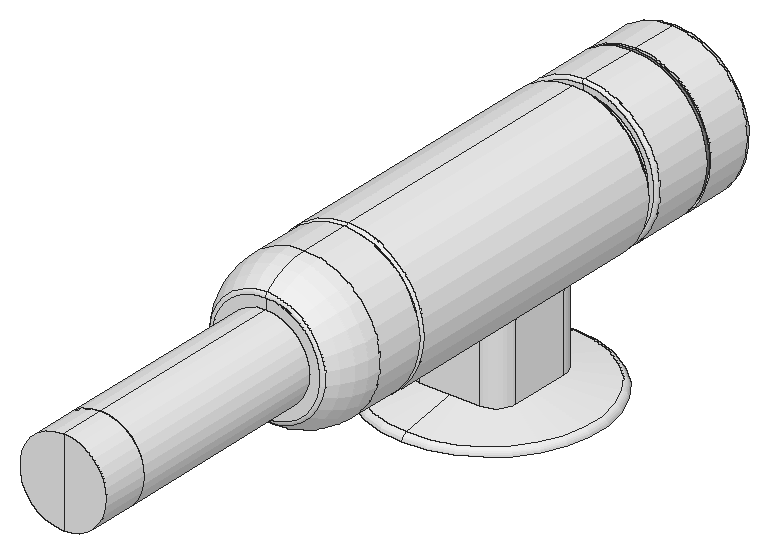
Revit family "PRD_FrankeWS_PrssrRlfVlvs_AQUALINEWCFlushingValve_AQRM551_AQRM559", category Plumbing Fixtures, host Face, Revit 2018
Family settings
  Host = Face
  Round Connector Dimension = Use Diameter
  Part Type = Normal
  OmniClass Number = 23.45.05.14.17
  OmniClass Title = Showers
  Cut with Voids When Loaded = Yes
  Shared = Yes
  Room Calculation Point = No
Parameters (values of type "AQRM559")
  WarrantyStartDate [instance] = "1900-12-31T23:59:59"
  WarrantyGuarantorParts = "n/a"
  WarrantyGuarantorLabor = "n/a"
  WarrantyDurationUnit = "year"
  WarrantyDurationParts = "n/a"
  WarrantyDurationLabor = "n/a"
  WarrantyDescription = "n/a"
  Version = "1"
  Uniclass2015Version = "Products v1.23"
  Uniclass2015Title = "Pressure relief valves"
  Uniclass2015Code = "Pr_65_54_95_65"
  URL = "www.kwc.com"
  TypeOfOperation = "Manual operation"
  TypeOfMounting = "Wall mounting"
  TypeOfFlushingFitting = "WC flush valve"
  TagNumber [instance] = "n/a"
  SustainabilityPerformance = "n/a"
  SoundInsulation = "No"
  Size = "n/a"
  ShowerMaterial = PRD_AR_ChromatedBrass_HighPolished
  Shape = "n/a"
  SerialNumber [instance] = "n/a"
  Revision = "n/a"
  ReplacementCost = "n/a"
  ProtectiveShutdown = "No"
  ProductInformation = "https://pim.kwc.com/product/2000066508/attachment/datasheet?locale=en"
  ProductCode = "209.0000.019"
  Offset = 146.00 mm
  NominalWidth = 0.00 mm
  NominalHeight = 0.00 mm
  NominalDepth = 0.00 mm
  NetWeight = 1.02 kg
  Name = "AQUALINE WC flushing valve AQRM559"
  NBSTypeID = "n/a"
  NBSReference = "90-10-90/415"
  NBSOfficeMasterTag = "n/a"
  NBSNote = "n/a"
  NBSDescription = "Pressure relief valves"
  NBSCertification = "n/a"
  ModelReference = "AQRM559"
  ModelNumber = "2000066508"
  Model = ModelReference  # "AQRM559"
  MinimumFlushingFlow = "1.00 liter per second"
  MinimumFlushWaterVolume = "6.00 liter"
  MinimumFlowPressure = "1.20 bar"
  MaximumFlushingFlow = "1.30 liter per second"
  MaximumFlushWaterVolume = "9.00 liter"
  MaximumFlowPressure = "4.00 bar"
  Material = "Brass"
  ManufacturerURL = "www.kwc.com"
  ManufacturerName = "KWC Group AG"  # constant formula
  Manufacturer = ManufacturerName  # "KWC Group AG"
  IsHighPressure = no
  IntegralAccessories = "n/a"
  InstallationDate [instance] = "1900-12-31T23:59:59"
  InletSize = "DN 20"
  IfcExportType = "FLUSHING"
  IfcExportAs = "IfcValveType"
  HasIntegralShutOffDevice = yes
  GrossWeight = 1.20 kg
  Grade = "n/a"
  FunctionalPrinciple = "Hydraulic self-closing"
  FlushingRate = 1.0 L/s
  Flow = FlushingRate  # 1.0 L/s
  Finish = "Chromed"
  Features = "for surface installation"
  ExpectedLife = "n/a"
  DurationUnit = "year"
  DiameterNominal = 20.00 mm
  Description = "AQUALINE WC flush valve for surface installation, flushing quantity and flow rate adjustable, all-metal construction."
  Default Elevation = 2000.00 mm
  CreatedOn = "04/2022"  # constant formula
  Constituents = "n/a"
  Color = "n/a"
  CodePerformance = "n/a"
  Category = "Pr_65_54_95_65, Pressure relief valves"
  CalculationFlowRateColdWater = "1.00 liter per second"
  BottomOffset = 14.00 mm
  BarCode [instance] = "n/a"
  BIMObjectName = "PRD_AR_PressureReliefValves_AQUALINEWCFlushingValve_AQRM559"
  Author = "Archispace"  # constant formula
  AssetType = "Fixed"
  AssetIdentifier [instance] = "n/a"
  AccessibilityPerformance = "n/a"
  AQRM559 = yes
  AQRM551 = no
Types (2, lengths in mm): name | ProductInformation | ProductCode | Offset | NetWeight | Name | ModelReference | ModelNumber | Model | MinimumFlushingFlow | MaximumFlushingFlow | InletSize | GrossWeight | FlushingRate | Flow | Finish | DiameterNominal | Description | CalculationFlowRateColdWater | BottomOffset | BIMObjectName | AQRM559 | AQRM551
  AQRM559 | "https://pim.kwc.com/product/2000066508/attachment/datasheet?locale=en" | "209.0000.019" | 146.00 | 1.02 kg | "AQUALINE WC flushing valve AQRM559" | "AQRM559" | "2000066508" | "AQRM559" | "1.00 liter per second" | "1.30 liter per second" | "DN 20" | 1.20 kg | 1.0 L/s | 1.0 L/s | "Chromed" | 20.00 | "AQUALINE WC flush valve for surface installation, flushing quantity and flow rate adjustable, all-metal construction." | "1.00 liter per second" | 14.00 | "PRD_AR_PressureReliefValves_AQUALINEWCFlushingValve_AQRM559" | yes | no
  AQRM551 | "https://pim.kwc.com/product/2000100082/attachment/datasheet?locale=en" | "209.0638.138" | 104.00 | 0.61 kg | "AQUALINE WC flushing valve AQRM551" | "AQRM551" | "2000100082" | "AQRM551" | "0.70 liter per second" | "1.00 liter per second" | "DN 15" | 0.69 kg | 0.7 L/s | 0.7 L/s | "Polished chrome" | 15.00 | "AQUALINE WC flush valve for surface installation, flushing quantity and volume flow adjustable. With nominal diameter DN 15. Polished chromium-plated brass, push cap and screw fitting made of chromium-plated plastic." | "0.70 liter per second" | 0.00 | "PRD_AR_PressureReliefValves_AQUALINEWCFlushingValve_AQRM551" | no | yes
Reference planes
  plane 1 "Center (Front/Back)": y = 0
  plane 2: z = 0
  plane 3 "Center (Left/Right)": x = 0
  plane 4: y = -146
  plane 5: y = -160
Forms (mm)
  Revolve 1, solid, material "PRD_AR_ChromatedBrass_HighPolished" <- "ShowerMaterial", detail levels fine
    sketch origin (0, 0, 0) x (0, 1, 0) y (0, 0, 1)
      loop
        line (-146, 45) -> (-146, 32) -> (-84, 32) -> (-84, 28.699)
        arc (-84, 28.699) -> (-83.854, 28.054) -> (-83.446, 27.535) r 1.5
        arc (-83.446, 27.535) -> (-76.787, 23.796) -> (-69.261, 22.5) r 22.5
        line (-69.261, 22.5) -> (-54.5, 22.5) -> (-53.875, 23.125) -> (-53, 22.25) -> (31, 22.25) -> (32, 23.25) -> (32, 25.25) -> (34.7, 25.25) -> (34.7, 23.5)
        arc (34.7, 23.5) -> (34.993, 22.793) -> (35.7, 22.5) r 1
        line (35.7, 22.5) -> (53.2, 22.5) -> (53.2, 45) -> (-146, 45)
      loop
        line (54.8, 45) -> (54.8, 22.5) -> (68.435, 22.5)
        arc (68.435, 22.5) -> (69.376, 22.832) -> (69.901, 23.68) r 1.5
        arc (69.901, 23.68) -> (71.624, 34.278) -> (72.2, 45) r 100
        line (72.2, 45) -> (54.8, 45)
      axis (-146, 45) -> (72.2, 45)
    angle from 0 to 360
  Revolve 2, solid, material "PRD_AR_SyntheticBasaltGrey", detail levels fine
    sketch origin (0, 0, 0) x (0, 1, 0) y (0, 0, 1)
      loop
        line (54.8, 45) -> (53.2, 45) -> (53.2, 23.35)
        arc (53.2, 23.35) -> (54, 22.71) -> (54.8, 23.35) r 0.82
        line (54.8, 23.35) -> (54.8, 45)
      axis (54.8, 45) -> (53.2, 45)
    angle from 0 to 360
  Revolve 3, solid, material "PRD_AR_ChromatedBrass_HighPolished" <- "ShowerMaterial", detail levels fine
    sketch origin (0, 0, 0) x (0, 1, 0) y (0, 0, 1)
      loop
        arc (33, 0) -> (32.528, 1.29) -> (31.335, 1.972) r 2
        line (31.335, 1.972) -> (13.5, 5) -> (0, 5) -> (0, 0) -> (33, 0)
      axis (0, 5) -> (0, 0)
    angle from 0 to 360
  Revolve 4, solid, material "PRD_AR_ChromatedBrass_HighPolished" <- "ShowerMaterial"
    sketch origin (0, 0, 0) x (0, 1, 0) y (0, 0, 1)
      loop
        line (0, 0) -> (-13.2, 0) -> (-13.2, -9) -> (0, -9) -> (0, 0)
      axis (0, 0) -> (0, -9)
    angle from 0 to 360
  Sweep 5, solid, material "PRD_AR_ChromatedBrass_HighPolished" <- "ShowerMaterial", detail levels fine
    path origin (0, 0, 0) x (0, 1, 0) y (0, 0, 1)
      loop
        line (0, 5) -> (0, 45)
    profile origin (0, 0, 25) x (0, -1, 0) y (1, 0, 0)
      loop
        arc (-15, -9) -> (-13.243, -13.243) -> (-9, -15) r 6
        line (-9, -15) -> (9, -15)
        arc (9, -15) -> (13.243, -13.243) -> (15, -9) r 6
        line (15, -9) -> (15, 9)
        arc (15, 9) -> (13.243, 13.243) -> (9, 15) r 6
        line (9, 15) -> (-9, 15)
        arc (-9, 15) -> (-13.243, 13.243) -> (-15, 9) r 6
        line (-15, 9) -> (-15, -9)
  Sweep 6, void
    path origin (0, 0, 0) x (0, 1, 0) y (0, 0, 1)
      loop
        line (-33.7, 17.25) -> (-33.7, 27.25)
    profile origin (0, -33.7, 22.25) x (0, -1, 0) y (1, 0, 0)
      loop
        circle (0, 0) r 9
  Revolve 7, solid, material "PRD_AR_ChromatedBrass_HighPolished" <- "ShowerMaterial", detail levels medium
    sketch origin (0, 0, 0) x (0, 1, 0) y (0, 0, 1)
      loop
        line (-160, 45) -> (-160, 32) -> (-84, 32) -> (-84, 22.25) -> (69.578, 22.25)
        arc (69.578, 22.25) -> (71.542, 33.55) -> (72.2, 45) r 100
        line (72.2, 45) -> (-160, 45)
      axis (-160, 45) -> (72.2, 45)
    angle from 0 to 360
  Revolve 8, solid, material "PRD_AR_ChromatedBrass_HighPolished" <- "ShowerMaterial", detail levels medium
    sketch origin (0, 0, 0) x (0, 1, 0) y (0, 0, 1)
      loop
        line (33, 0) -> (33, 5) -> (0, 5) -> (0, 0) -> (33, 0)
      axis (0, 5) -> (0, 0)
    angle from 0 to 360
  Sweep 9, solid, material "PRD_AR_ChromatedBrass_HighPolished" <- "ShowerMaterial", detail levels medium
    path origin (0, 0, 0) x (0, 1, 0) y (0, 0, 1)
      loop
        line (0, 5) -> (0, 45)
    profile origin (0, 0, 25) x (0, -1, 0) y (1, 0, 0)
      loop
        line (-15, -15) -> (15, -15) -> (15, 15) -> (-15, 15) -> (-15, -15)
  Extrusion 10, solid, material "PRD_AR_ChromatedBrass_HighPolished" <- "ShowerMaterial", detail levels coarse
    sketch origin (0, 0, 0) x (0, 1, 0) y (0, 0, 1)
      loop
        line (73.004, 67.75) -> (-160, 67.75) -> (-160, 0) -> (73.004, 0) -> (73.004, 67.75)
    from -23 to 23
  Revolve 11, solid, material "PRD_AR_ChromatedBrass_HighPolished" <- "ShowerMaterial", visible <- "AQRM559", detail levels fine
    sketch origin (0, 0, 0) x (0, 1, 0) y (0, 0, 1)
      loop
        line (-146, 45) -> (-160, 45) -> (-160, 32) -> (-146, 32) -> (-146, 45)
      axis (-160, 45) -> (-146, 45)
    angle from 0 to 360
  Revolve 12, void
    sketch origin (0, 0, 0) x (0, 1, 0) y (0, 0, 1)
      loop
        line (0, 0) -> (-13.2, 0) -> (-13.2, -9) -> (0, -9) -> (0, 0)
      axis (0, 0) -> (0, -9)
    angle from 0 to 360
Cuts and joins
  Sweep 6 cuts Revolve 1
  joined: Revolve 1, Revolve 3, Sweep 5
  joined: Revolve 7, Revolve 8, Sweep 9
Dimensions and locks
  "Offset": plane 1 "Center (Front/Back)" to plane 4
  locked: plane 1 "Center (Front/Back)" to Revolve 1 sketch curve at 84
  locked: plane 1 "Center (Front/Back)" to Revolve 11 sketch curve at 146
  locked: Revolve 11 sketch curve to Revolve 11 sketch curve at 14
  locked: plane 1 "Center (Front/Back)" to Revolve 7 sketch curve at 84
  "BottomOffset": plane 4 to plane 5
  aligned and locked: plane 2 to host face
  aligned and locked: level to host face
  aligned and locked: plane 4 to Revolve 1 sketch curve
  aligned and locked: Extrusion 10 sketch curve to plane 5
  aligned and locked: plane 5 to Revolve 7 sketch curve
Automatic sketch dimensions
  host sketch curve to host sketch curve = 286.552 mm
  host sketch curve to host sketch curve = 460.681 mm
  Revolve 1 sketch curve to Revolve 1 sketch curve = 1.50 mm  (x2)
  Revolve 1 sketch curve to Revolve 1 sketch curve = 13.239 mm
  Revolve 1 sketch curve to Revolve 1 sketch curve = 14.761 mm
  Revolve 1 sketch curve to Revolve 1 sketch curve = 0.625 mm
  level to Revolve 1 sketch curve = 22.25 mm
  Revolve 1 sketch curve to Revolve 1 sketch curve = 0.875 mm
  plane 1 "Center (Front/Back)" to Revolve 1 sketch curve = 27.80 mm
  Revolve 1 sketch curve to plane 1 "Center (Front/Back)" = 31.00 mm
  Revolve 1 sketch curve to Revolve 1 sketch curve = 1.00 mm  (x3)
  Revolve 1 sketch curve to Revolve 1 sketch curve = 2.70 mm
  Revolve 1 sketch curve to Revolve 1 sketch curve = 18.50 mm
  Revolve 1 sketch curve to Revolve 1 sketch curve = 1.60 mm
  Revolve 1 sketch curve to Revolve 1 sketch curve = 13.635 mm
  Revolve 1 sketch curve to Revolve 1 sketch curve = 17.40 mm
  Revolve 1 sketch curve to Revolve 1 sketch curve = 0.25 mm  (x2)
  level to Revolve 1 sketch curve = 22.50 mm
  Revolve 1 sketch curve to Revolve 1 sketch curve = 2.00 mm
  Revolve 1 sketch curve to Revolve 1 sketch curve = 6.199 mm
  Revolve 1 sketch curve to Revolve 1 sketch curve = 3.301 mm
  Revolve 1 sketch curve to Revolve 1 sketch curve = 21.00 mm
  Revolve 1 sketch curve to Revolve 1 sketch curve = 0.00 mm  (x2)
  Revolve 1 sketch curve to Revolve 1 sketch curve = 13.00 mm
  Revolve 1 sketch curve to Revolve 1 sketch curve = 5.00 mm
  Revolve 1 sketch curve to Revolve 1 sketch curve = 14.283 mm
  Revolve 2 sketch curve to plane 1 "Center (Front/Back)" = 53.20 mm
  Revolve 2 sketch curve to Revolve 2 sketch curve = 0.80 mm
  Revolve 2 sketch curve to Revolve 2 sketch curve = 1.60 mm
  level to Revolve 2 sketch curve = 23.35 mm
  Revolve 2 sketch curve to Revolve 2 sketch curve = 0.179 mm
  Revolve 2 sketch curve to Revolve 2 sketch curve = 21.471 mm
  Revolve 2 sketch curve to Revolve 2 sketch curve = 5.00 mm
  Revolve 2 sketch curve to Revolve 2 sketch curve = 0.00 mm  (x2)
  Revolve 3 sketch curve to level = 0.00 mm
  Revolve 3 sketch curve to plane 1 "Center (Front/Back)" = 0.00 mm  (x2)
  level to Revolve 3 sketch curve = 5.00 mm
  Revolve 3 sketch curve to Revolve 3 sketch curve = 13.50 mm
  Revolve 3 sketch curve to Revolve 3 sketch curve = 17.50 mm
  level to Revolve 3 sketch curve = 1.972 mm
  Revolve 3 sketch curve to Revolve 3 sketch curve = 0.335 mm
  Revolve 3 sketch curve to Revolve 3 sketch curve = 6.717 mm
  Revolve 3 sketch curve to Revolve 3 sketch curve = 5.00 mm
  Revolve 4 sketch curve to level = 0.00 mm
  Revolve 4 sketch curve to plane 1 "Center (Front/Back)" = 0.00 mm  (x2)
  plane 1 "Center (Front/Back)" to Revolve 4 sketch curve = 13.20 mm
  Revolve 4 sketch curve to level = 9.00 mm
  Revolve 4 sketch curve to Revolve 4 sketch curve = 3.911 mm
  Revolve 4 sketch curve to Revolve 4 sketch curve = 7.319 mm
  Sweep 5 sketch curve to plane 1 "Center (Front/Back)" = 0.00 mm
  level to Sweep 5 sketch curve = 5.00 mm
  Sweep 5 sketch curve to Sweep 5 sketch curve = 40.00 mm
  Sweep 5 sketch curve to plane 3 "Center (Left/Right)" = 9.00 mm
  profile plane to Sweep 5 sketch curve = 15.00 mm
  Sweep 5 sketch curve to Sweep 5 sketch curve = 6.00 mm  (x3)
  Sweep 5 sketch curve to profile plane = 9.00 mm  (x2)
  plane 3 "Center (Left/Right)" to Sweep 5 sketch curve = 9.00 mm
  plane 1 "Center (Front/Back)" to Sweep 6 sketch curve = 33.70 mm
  level to Sweep 6 sketch curve = 17.25 mm
  Sweep 6 sketch curve to Sweep 6 sketch curve = 10.00 mm
  Sweep 6 sketch curve to plane 3 "Center (Left/Right)" = 0.00 mm
  Sweep 6 sketch curve to profile plane = 0.00 mm
  plane 1 "Center (Front/Back)" to Revolve 7 sketch curve = 27.80 mm
  level to Revolve 7 sketch curve = 22.25 mm
  Revolve 7 sketch curve to plane 1 "Center (Front/Back)" = 69.578 mm
  Revolve 7 sketch curve to Revolve 7 sketch curve = 2.622 mm
  Revolve 7 sketch curve to Revolve 7 sketch curve = 9.75 mm
  Revolve 7 sketch curve to Revolve 7 sketch curve = 24.00 mm
  Revolve 7 sketch curve to Revolve 7 sketch curve = 14.283 mm
  Revolve 7 sketch curve to Revolve 7 sketch curve = 0.00 mm
  Revolve 8 sketch curve to level = 0.00 mm
  Revolve 8 sketch curve to plane 1 "Center (Front/Back)" = 0.00 mm  (x2)
  level to Revolve 8 sketch curve = 5.00 mm
  Revolve 8 sketch curve to Revolve 8 sketch curve = 33.00 mm
  Revolve 8 sketch curve to Revolve 8 sketch curve = 6.717 mm
  Revolve 8 sketch curve to Revolve 8 sketch curve = 5.00 mm
  Sweep 9 sketch curve to plane 1 "Center (Front/Back)" = 0.00 mm
  level to Sweep 9 sketch curve = 5.00 mm
  Sweep 9 sketch curve to Sweep 9 sketch curve = 40.00 mm
  profile plane to Sweep 9 sketch curve = 15.00 mm
  Sweep 9 sketch curve to profile plane = 15.00 mm
  Sweep 9 sketch curve to plane 3 "Center (Left/Right)" = 15.00 mm
  plane 3 "Center (Left/Right)" to Sweep 9 sketch curve = 15.00 mm
  Extrusion 10 sketch curve to level = 0.00 mm
  Extrusion 10 sketch curve to plane 1 "Center (Front/Back)" = 73.004 mm
  level to Extrusion 10 sketch curve = 67.75 mm
  level to Revolve 11 sketch curve = 32.00 mm
  Revolve 11 sketch curve to Revolve 11 sketch curve = 13.00 mm  (x2)
  Revolve 11 sketch curve to Revolve 11 sketch curve = 7.00 mm
  Revolve 11 sketch curve to Revolve 11 sketch curve = 0.00 mm
  Revolve 12 sketch curve to level = 0.00 mm
  plane 1 "Center (Front/Back)" to Revolve 12 sketch curve = 13.20 mm
  Revolve 12 sketch curve to plane 1 "Center (Front/Back)" = 0.00 mm
  Revolve 12 sketch curve to level = 9.00 mm
  Revolve 12 sketch curve to Revolve 12 sketch curve = 0.00 mm
  Revolve 12 sketch curve to Revolve 12 sketch curve = 3.911 mm
  Revolve 12 sketch curve to Revolve 12 sketch curve = 7.319 mm
  radius of Sweep 6 sketch curve = 9.00 mm
Connectors
  piping at (0, 0, -9), diameter 20, driven by "DiameterNominal", driven by "Flow", driven by "InletSize"
    settings: on Revolve 4, index 1, connector inside diameter 609.60 mm, connector length 0.00 mm, flow factor 0, pipe flow 1.0 L/s, pressure drop 0.0 Pa, fitting loss kfactor 0, connector angle 0.00°, fixture units 0, engagement length 0.00 mm, angle of deflection 0.00°, flow configuration 2, flow direction 1, fitting loss method 0, system type 7, joint type 0, gender type 0, connector reference index -1, connector utility 0, adjustable connector no, is connector primary yes, connector description "DN 20"
